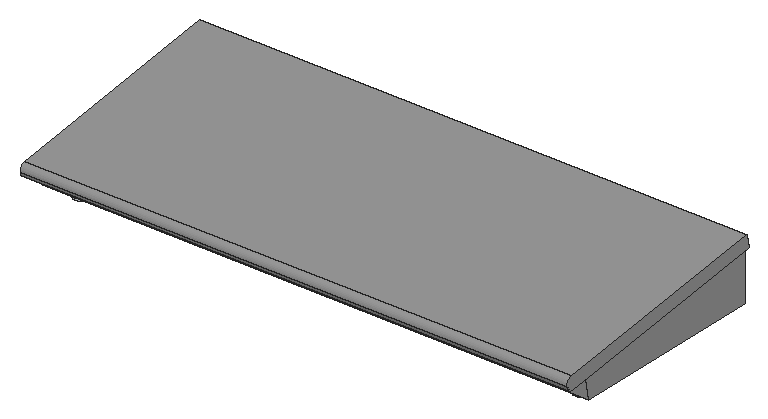
Revit family "Element 2", category Electrical Equipment, Revit 2018
Family settings
  Panel Configuration = Two Columns, Circuits Across
  Round Connector Dimension = Use Diameter
  Part Type = Panelboard
  OmniClass Number = 23.80.30.11.17
  OmniClass Title = Distribution Boards and Control Panels
  Work Plane-Based = No
  Always vertical = Yes
  Cut with Voids When Loaded = No
  Shared = No
  Room Calculation Point = No
Parameters (values of type "1000 OUTPUTS")
  Wattage = "50/60Hz"
  Voltage = "100-240V"
  URL = "https://www.etcconnect.com/WorkArea/DownloadAsset.aspx?id=10737494273"
  Type Comments = "See product datasheet for dimensions and specifications"
  Model = "Element 2"
  Material = "Aluminum"
  Manufacturer = "ETC, Inc."
  Fixture Part Number = "4331A1011-US"
  Designer = "Cfellin"
  Design Status = "1"
  Description = "Element 2 - 1000 Outputs"
  Date Created = "2/24/21"
  Cost = 0
Types (3): name | Fixture Part Number | Description
  (no name) | "4331A1011-US" | "Element 2 - 1000 Outputs"
  1000 OUTPUTS | "4331A1011-US" | "Element 2 - 1000 Outputs"
  6000 OUTPUTS | "4331A1012-US" | "Element 2 - 6000 Outputs"
Reference planes (in)
  plane 1 "Center (Front/Back)": y = 0
  plane 2: z = 0
  plane 3 "Center (Left/Right)": x = 0
Forms (in)
  Extrusion 1, solid, material "Aluminum"
    sketch origin (0, 0, 0) x (0, 1, 0) y (0, 0, 1)
      loop
        line (6.1, 3.63648) -> (-6.32401, 1.8904) -> (-6.1, 0.62) -> (6.1, 0.62) -> (6.1, 3.63648)
    from -17.08594 to 17.08594
  Extrusion 2, solid, material "Aluminum"
    sketch origin (-17.08594, 0, 0) x (0, -1, 0) y (0, 0, 1)
      loop
        line (-6.33989, 3.6702) -> (7.36542, 1.74404)
        arc (7.36542, 1.74404) -> (7.66182, 1.82069) -> (7.8172, 2.08448) r 0.4
        arc (7.8172, 2.08448) -> (7.74054, 2.38087) -> (7.47676, 2.53626) r 0.4
        line (7.47676, 2.53626) -> (-6.22855, 4.46241) -> (-6.33989, 3.6702)
    from -34.17188 to 0
  Extrusion 3, solid
    sketch origin (0, 6.1, 0.62) x (-1, 0, 0) y (0, 1, 0)
      loop
        circle (15.63095, -1.37128) r 0.4
      loop
        circle (15.63095, -11.05272) r 0.4
      loop
        circle (-15.63095, -1.37128) r 0.4
      loop
        circle (-15.63095, -11.05272) r 0.4
    from 0 to 0.62109
Dimensions and locks (in)
  Extrusion 1 sketch curve to level = 0' - 0.62"
  Extrusion 1 sketch curve to Extrusion 1 sketch curve = 0' - 1.29"
  Extrusion 1 sketch curve to Extrusion 1 sketch curve = 0' - 3.01648"
  Extrusion 1 sketch curve to Extrusion 1 sketch curve = 1' - 0.2"
  angle Extrusion 1 sketch curve to Extrusion 1 sketch curve = 82.00°
  aligned and locked: level to plane 2
